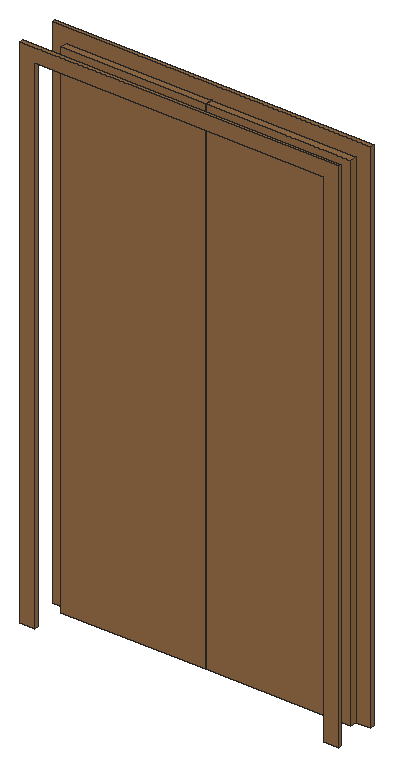
Revit family "Por_Dup", category Doors, host Wall, Revit 2025
Family settings
  Host = Wall
  OmniClass Number = 23.30.10.00
  OmniClass Title = Doors
  Always vertical = Yes
  Cut with Voids When Loaded = No
  Shared = No
  Room Calculation Point = Yes
Parameters (values of type "POR_070x210_DUS_BOX_CEG")
  Width = 1200.00 mm
  Visual Light Transmittance = 0
  Thickness = 30.00 mm
  Thermal Resistance (R) = 0.270117 (m²·K)/W
  Solar Heat Gain Coefficient = 0
  Define Thermal Properties by = Schematic Type
  Construction Type Id = "MDOOR"
  Heat Transfer Coefficient (U) = 3.7021 W/(m²·K)
  Function = Interior
  Material Porta Folha = CT_Porta_Folha
  Material Porta Marco = CT_Porta_Marco
  Height = 2100.00 mm
  Trim Projection Ext = 15.00 mm
  Trim Projection Int = 15.00 mm
  Trim Width = 60.00 mm
  Wall Closure = By host
  Width_Large = 600.00 mm
  Width_Small = Width - Width_Large  # 600.00 mm
  Analytic Construction = "Metal"
Types (21, lengths in mm): name | Width | Material Porta Folha | Material Porta Marco | Trim Projection Ext | Trim Projection Int | Trim Width | Width_Large | Width_Small
  POR_070x210_DUS_BOX_CEG | 1200.00 | CT_Porta_Folha | CT_Porta_Marco | 15.00 | 15.00 | 60.00 | 600.00 | 600.00
  POR_080x210-060_DUA_INT_CEG | 800.00 | none | none | 12.50 | 12.50 | 35.00 | 600.00 | 200.00
  POR_350x210_DUS_INT_CEG | 3500.00 | none | none | 12.50 | 12.50 | 35.00 | 1750.00 | 1750.00
  POR_300x210_DUS_INT_CEG | 3000.00 | none | none | 12.50 | 12.50 | 35.00 | 1500.00 | 1500.00
  POR_290x210_DUS_INT_CEG | 2900.00 | none | none | 12.50 | 12.50 | 35.00 | 1450.00 | 1450.00
  POR_080x210_DUS_INT_CEG | 800.00 | none | none | 12.50 | 12.50 | 35.00 | 400.00 | 400.00
  POR_130x210_DUS_INT_CEG | 1300.00 | none | none | 12.50 | 12.50 | 35.00 | 650.00 | 650.00
  POR_270x210_DUS_INT_CEG | 2700.00 | none | none | 12.50 | 12.50 | 35.00 | 1350.00 | 1350.00
  POR_100x210_DUS_INT_CEG | 1000.00 | none | none | 12.50 | 12.50 | 35.00 | 500.00 | 500.00
  POR_250x210_DUS_INT_CEG | 2500.00 | none | none | 12.50 | 12.50 | 35.00 | 1250.00 | 1250.00
  POR_200x210_DUS_INT_CEG | 2000.00 | none | none | 12.50 | 12.50 | 35.00 | 1000.00 | 1000.00
  POR_120x210-080_DUA_INT_CEG | 1200.00 | none | none | 12.50 | 12.50 | 35.00 | 800.00 | 400.00
  POR_140x210-080_DUA_INT_CEG | 1400.00 | none | none | 12.50 | 12.50 | 35.00 | 600.00 | 800.00
  POR_120x210_DUS_INT_CEG | 1200.00 | CT_Porta_Folha | none | 15.00 | 15.00 | 60.00 | 600.00 | 600.00
  POR_180x210_DUS_INT_CEG | 1800.00 | none | none | 12.50 | 12.50 | 35.00 | 900.00 | 900.00
  POR_160x210_DUS_INT_CEG | 1600.00 | none | none | 12.50 | 12.50 | 35.00 | 800.00 | 800.00
  POR_500x210_DUS_AUD_ACU | 5000.00 | none | none | 12.50 | 12.50 | 35.00 | 2500.00 | 2500.00
  POR_140x210_DUS_AUD_ACU | 1400.00 | none | none | 12.50 | 12.50 | 35.00 | 700.00 | 700.00
  POR_180x210_DUS_AUD_ACU | 1800.00 | none | none | 12.50 | 12.50 | 35.00 | 900.00 | 900.00
  POR_200x210_DUS_AUD_ACU | 2000.00 | none | none | 12.50 | 12.50 | 35.00 | 1000.00 | 1000.00
  POR_120x210_DUS_ACD_VIS_MET | 1250.00 | none | none | 10.00 | 10.00 | 30.00 | 625.00 | 625.00
Reference planes
  plane 1: y = 0
  plane 2: z = 0
  plane 3 "Center": x = -498
  plane 4 "Left": x = -1098
  plane 5 "Right": x = 102
  plane 6 "Top": z = 2100
Forms (mm)
  Extrusion 1, solid, material "CT_Porta_Marco" <- "Material Porta Marco"
    sketch origin (-2226, 76.2, 0) x (-1, 0, 0) y (0, 0, 1)
      loop
        line (-2328, 2100) -> (-1128, 2100) -> (-1128, 0) -> (-1068, 0) -> (-1068, 2160) -> (-2388, 2160) -> (-2388, 0) -> (-2328, 0) -> (-2328, 2100)
    from 0 to 15
  Extrusion 2, solid, material "CT_Porta_Marco" <- "Material Porta Marco"
    sketch origin (-2226, -76.2, 0) x (1, 0, 0) y (0, 0, 1)
      loop
        line (1128, 0) -> (1128, 2100) -> (2328, 2100) -> (2328, 0) -> (2388, 0) -> (2388, 2160) -> (1068, 2160) -> (1068, 0) -> (1128, 0)
    from 0 to 15
  Extrusion 3, solid, material "CT_Porta_Folha" <- "Material Porta Folha"
    sketch origin (20, 0, 0) x (1, 0, 0) y (0, 1, 0)
      loop
        line (-1118, 76.2) -> (-1118, 46.2) -> (-518, 46.2) -> (-518, 76.2) -> (-1118, 76.2)
    from 0 to 2100
  Extrusion 4, solid, material "CT_Porta_Folha" <- "Material Porta Folha"
    sketch origin (-976, 0, 0) x (-1, 0, 0) y (0, -1, 0)
      loop
        line (-1078, -76.2) -> (-478, -76.2) -> (-478, -46.2) -> (-1078, -46.2) -> (-1078, -76.2)
    from 0 to 2100
Lines and regions (mm)
  Opening 1
    outline origin (-2226, -76.2, 0) x (1, 0, 0) y (0, 0, 1)
      loop
        line (1128, 0) -> (2328, 0) -> (2328, 2100) -> (1128, 2100) -> (1128, 0)
  symbolic lines, style "Plan Swing"
    curve 1: arc (-498, 76.2, 0) -> (-673.736, 500.464, 0) -> (-1098, 676.2, 0) r 600
    curve 11: arc (-498, 76.2, 0) -> (-322.264, 500.464, 0) -> (102, 676.2, 0) r 600
  symbolic lines, style "DoorsPanelProjection"
    curve 2: line (-1098, 76.2, 0) -> (-1068, 76.2, 0)
    curve 3: line (-1098, 76.2, 0) -> (-1098, 675.327, 0)
    curve 4: line (-1098, 675.327, 0) -> (-1065.651, 675.327, 0)
    curve 5: line (-1068, 76.2, 0) -> (-1068, 675.45, 0)
    curve 6: line (-498, 76.2, 0) -> (-498, 46.2, 0)
    curve 12: line (102, 76.2, 0) -> (72, 76.2, 0)
    curve 13: line (102, 76.2, 0) -> (102, 675.327, 0)
    curve 14: line (102, 675.327, 0) -> (69.651, 675.327, 0)
    curve 15: line (72, 76.2, 0) -> (72, 675.45, 0)
  symbolic lines, style "Elevation Swing"
    curve 7: line (-498, 0, 2100) -> (-1098, 0, 1050)
    curve 8: line (-1098, 0, 1050) -> (-498, 0, 0)
    curve 9: line (-498, 0, 2100) -> (102, 0, 1050)
    curve 10: line (102, 0, 1050) -> (-498, 0, 0)
Text (mm)
  text "Exterior" at (-1852.85, 748.929, 0), in view "Floor Line"
  text "Interior" at (-1852.85, -701.767, 0), in view "Floor Line"
  text "Exterior" at (0, 1019.848, 3124.603), in view "Right"
  text "Interior" at (0, -1635.541, 3124.603), in view "Right"
  text "Interior" at (0, -762.224, 2974.944), in view "Left"
  text "Exterior" at (0, 1135.773, 2974.944), in view "Left"
Dimensions and locks
  Extrusion 2 sketch curve to plane 4 "Left" = 60.00 mm
  Extrusion 2 sketch curve to plane 5 "Right" = 60.00 mm
  "Trim Width": Extrusion 2 sketch curve to plane 6 "Top"
  "Trim Width": Extrusion 1 sketch curve to Extrusion 1 sketch curve  (x2)
  "Trim Width": Extrusion 1 sketch curve to plane 6 "Top"
  "Trim Projection Int": Extrusion 2 to host wall
  "Trim Projection Ext": Extrusion 1 to host wall
  plane 4 "Left" to plane 3 "Center" to plane 5 "Right" = 600.00 mm, 600.00 mm
  "Thickness": curve 5 to curve 3
  "Thickness": Extrusion 1 to Extrusion 3 sketch curve
  "Width_Large": plane 4 "Left" to plane 3 "Center"
  "Width_Small": plane 3 "Center" to plane 5 "Right"
  level to plane 2 = 0.00 mm
  "Height": plane 6 "Top" to level
  equal spacing: level, curve 8, plane 6 "Top"
  equal spacing: level, curve 10, plane 6 "Top"
  "Trim Width": Extrusion 2 to Extrusion 2  (x2)
  "Trim Width": Extrusion 1 to Extrusion 1  (x2)
  "Trim Projection Ext": Extrusion 1 to Extrusion 1
  Extrusion 1 to Extrusion 1 = 60.00 mm
  "Trim Projection Int": Extrusion 2 to Extrusion 2
  "Thickness": curve 15 to curve 13
  aligned and locked: plane 4 "Left" to Opening 1 sketch curve
  aligned and locked: plane 6 "Top" to Opening 1 sketch curve  (x2)
  aligned and locked: Opening 1 sketch curve to plane 5 "Right"
  aligned and locked: Opening 1 sketch curve to level
  aligned and locked: plane 6 "Top" to Extrusion 1 sketch curve  (x2)
  aligned and locked: plane 4 "Left" to Extrusion 1 sketch curve
  aligned and locked: Extrusion 1 sketch curve to plane 4 "Left"
  aligned and locked: level to Extrusion 1 sketch curve
  aligned and locked: plane 5 "Right" to Extrusion 1 sketch curve
  aligned and locked: Extrusion 1 to host wall
  aligned and locked: plane 4 "Left" to Extrusion 2 sketch curve
  aligned and locked: plane 6 "Top" to Extrusion 2 sketch curve  (x2)
  aligned and locked: plane 5 "Right" to Extrusion 2 sketch curve  (x2)
  aligned and locked: level to Extrusion 2 sketch curve
  aligned and locked: Extrusion 2 sketch curve to level
  aligned and locked: Extrusion 2 to host wall
  aligned and locked: Extrusion 1 to Extrusion 3 sketch curve
  aligned and locked: Extrusion 3 to host wall  (x2)
  aligned and locked: plane 5 "Right" to host wall  (x2)
  aligned and locked: Extrusion 1 sketch curve to level
  aligned and locked: Extrusion 2 sketch curve to Extrusion 1
  aligned and locked: Extrusion 1 to curve 2
  aligned and locked: level to plane 2
  aligned and locked: plane 3 "Center" to Extrusion 3
  aligned and locked: Extrusion 4 to plane 5 "Right"
  aligned and locked: Extrusion 4 to plane 3 "Center"
  aligned and locked: Extrusion 3 to Extrusion 4
  aligned and locked: Extrusion 4 to Extrusion 3
Automatic sketch dimensions
  curve 1 to host wall = 0.00 mm
  curve 1 to plane 4 "Left" = 0.00 mm
  curve 4 to plane 4 "Left" = 0.00 mm
  curve 1 to plane 3 "Center" = 0.00 mm
  curve 15 to host wall = 0.00 mm
  curve 13 to plane 5 "Right" = 0.00 mm
  curve 11 to plane 5 "Right" = 0.00 mm
  curve 4 to curve 1 = 0.873 mm
  curve 14 to curve 11 = 0.873 mm
  curve 6 to curve 11 = 30.00 mm
  curve 9 to plane 3 "Center" = 0.00 mm
  curve 9 to plane 6 "Top" = 0.00 mm
  curve 10 to level = 0.00 mm
  plane 4 "Left" to curve 7 = 0.00 mm
  curve 8 to plane 3 "Center" = 0.00 mm
  plane 5 "Right" to curve 10 = 0.00 mm
  Extrusion 3 sketch curve to plane 4 "Left" = 0.00 mm
  plane 3 "Center" to Extrusion 3 sketch curve = 0.00 mm
  Extrusion 4 sketch curve to host wall = 0.00 mm
  Extrusion 4 sketch curve to plane 5 "Right" = 0.00 mm
  plane 3 "Center" to Extrusion 4 sketch curve = 0.00 mm
  Extrusion 4 sketch curve to host wall = 30.00 mm
